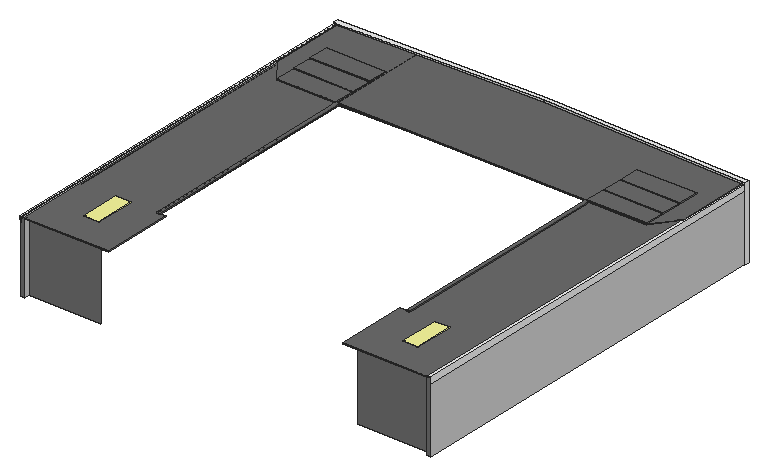
Revit family "Loading-Dock-Equipment_Shelter_McGuire_TC300", category Generic Models, Revit 2026
Family settings
  Can host rebar = No
  Round Connector Dimension = Use Diameter
  Part Type = Normal
  Classification Number = 23.50.70.00
  Work Plane-Based = Yes
  Always vertical = No
  Cut with Voids When Loaded = No
  Maintain Annotation Orientation = No
  Shared = No
  Room Calculation Point = No
Parameters (values of type "Flexible Steel Frame")
  Warranty Duration (Years) = 0
  Unit Width [instance] = Opening Width + (Panel Width * 2)  # 11' - 6"
  Unit Height [instance] = 11' - 0"
  Unit Depth [instance] = 2' - 0"
  URL = "http://www.wbmcguire.com/"
  Test Data = ""
  Specification = ""
  SpecWizard = ""
  Send Message = ""
  Sales Information = "http://www.wbmcguire.com/Contact-Us"
  Revision = "R1_2017-01"
  Product Properties = ""
  Product Data = "http://www.arcat.com/arcatcos/cos36/arc36404.html"
  Panel Width [instance] = 2' - 3"
  Panel Material = Metal - Steel
  Overall Height [instance] = Unit Height + Header Height  # 11' - 3 3/8"
  Opening Width [instance] = 7' - 0"  # constant formula
  Opening Height [instance] = Overall Height - Curtain Drop  # 8' - 3 3/8"
  Model = "As Specified"
  Material = Polyethylene Sheeting - Black
  Manufacturer Website = "http://www.wbmcguire.com/"
  Manufacturer Phone - Toll Free = "800-624-8473"
  Manufacturer Phone = "262-257-7309"
  Manufacturer Fax = "262-255-4199"
  Manufacturer Address = "W194 N11481  McCormick Dr.   Germantown, WI 53022"
  Manufacturer = "McGuire"
  Maintenance Schedule (Months) = 0
  Keynote = "11160"
  Installation-Fabrication = ""
  Installation Phase = ""
  Flat Head Frame [instance] = no
  Header Height [instance] = if(Flat Head Frame, 0' 1 1/2", 0' 3 3/8")  # 0' - 3 3/8"
  Curtain Drop [instance] = 3' - 0"
  Guide Color = Polyethylene Sheeting - Yellow
  Green Building-LEED = "http://www.arcat.com/green/clients/leed_data_36404.html"
  Frame Thickness = 0' - 1 3/8"
  Expected Lifespan (Years) = 0
  Drawn By = "Sumex Design, Inc. / Robert S. Weygant, CSI, CDT, SCIP"
  Description = "McGuire Loading Dock Product as Specified"
  Default Elevation = 0' - 0"  # constant formula
  Copyright = "©Arcat Inc."
  Construction Details = ""
  Building Codes = ""
  Available Options [instance] = "as Specified"
  Assembly Code = "E1030300"
  Accent Material = Metal - Aluminum Trim
Reference planes (in)
  plane 1 "Base": y = 0
  plane 2 "Host": z = 0
  plane 3 "Center (Left/Right)": x = 0
  plane 4 "OH": y = 99.375
  plane 5 "Left": x = -42
  plane 6 "Right": x = 42
  plane 7 "Front": z = 24
  plane 8: x = -69
  plane 9: x = 69
  plane 10 "Top of Header": y = 132
  plane 11: x = -42
  plane 12: x = 42
  plane 13: y = 124
  plane 14: y = 118
  plane 15: y = 24
  plane 16: y = 135.375
  plane 17: y = 99.375
  plane 18: y = 107.375
  plane 19: x = 62.25
  plane 20: x = 42.25
  plane 21: x = -62.25
  plane 22: x = -42.25
  plane 23 "Leveler Curtain": y = -38
  plane 24: x = -67.625
  plane 25: x = 67.625
Forms (in)
  Sweep 1, solid, material "Polyethylene Sheeting - Black" <- "Material"
    path origin (0, 0, 0) x (1, 0, 0) y (0, 1, 0)
      loop
        line (-69, 0) -> (-69, 132)
    profile origin (-69, 66, 0) x (-1, 0, 0) y (0, 0, 1)
      loop
        line (0, 0) -> (0, 23.625) -> (-1.375, 23.625) -> (-1.375, 0) -> (0, 0)
  Sweep 2, solid, material "Polyethylene Sheeting - Black" <- "Material"
    path origin (0, 0, 0) x (-1, 0, 0) y (0, 1, 0)
      loop
        line (-69, 0) -> (-69, 132)
    profile origin (69, 66, 0) x (-1, 0, 0) y (0, 0, 1)
      loop
        line (0, 0) -> (1.375, 0) -> (1.375, 23.625) -> (0, 23.625) -> (0, 0)
  Extrusion 3, solid, material "Polyethylene Sheeting - Black" <- "Material"
    sketch origin (0, 0, 0) x (1, 0, 0) y (0, 0, 1)
      loop
        line (-69, 23.875) -> (-69, 23.625) -> (-42, 23.625) -> (-42, 23.875) -> (-69, 23.875)
      loop
        line (69, 23.875) -> (42, 23.875) -> (42, 23.625) -> (69, 23.625) -> (69, 23.875)
    from 0 to -132
  Extrusion 4, solid, material "Polyethylene Sheeting - Black" <- "Material"
    sketch origin (0, 0, 0) x (1, 0, 0) y (0, 1, 0)
      loop
        line (-68.2126, 132) -> (-68.2126, 107.375) -> (-62.35641, 99.375) -> (62.35641, 99.375) -> (68.2126, 107.375) -> (68.2126, 132) -> (0, 133.72831) -> (-68.2126, 132)
    from 23.875 to 24.125
  Extrusion 5, solid, material "Polyethylene Sheeting - Black" <- "Material"
    sketch origin (0, 0, 0) x (0, 1, 0) y (0, 0, 1)
      loop
        line (99.375, 24.125) -> (120.375, 24.125) -> (120.375, 24.25) -> (113.375, 24.375) -> (113.375, 24.25) -> (106.375, 24.375) -> (106.375, 24.25) -> (99.375, 24.375) -> (99.375, 24.125)
    from 42.25 to 62.25
  Extrusion 6, solid, material "Polyethylene Sheeting - Black" <- "Material"
    sketch origin (0, 0, 0) x (0, 1, 0) y (0, 0, -1)
      loop
        line (99.375, -24.125) -> (99.375, -24.375) -> (106.375, -24.25) -> (106.375, -24.375) -> (113.375, -24.25) -> (113.375, -24.375) -> (120.375, -24.25) -> (120.375, -24.125) -> (99.375, -24.125)
    from 42.25 to 62.25
  Extrusion 7, solid, material "Polyethylene Sheeting - Yellow" <- "Guide Color"
    sketch origin (0, 0, 0) x (1, 0, 0) y (0, 1, 0)
      loop
        line (-56.23575, 24) -> (-56.23575, 10.70217) -> (-51.23575, 10.70217) -> (-51.23575, 24) -> (-56.23575, 24)
      loop
        line (56.23575, 24) -> (51.23575, 24) -> (51.23575, 10.70217) -> (56.23575, 10.70217) -> (56.23575, 24)
    from 23.875 to 24
  Extrusion 8, solid, material "Metal - Aluminum Trim" <- "Accent Material"
    sketch origin (0, 0, 0) x (1, 0, 0) y (0, 1, 0)
      loop
        line (-69.125, 132) -> (-68.2126, 132) -> (0, 133.72831) -> (68.2126, 132) -> (69.125, 132) -> (69.125, 133.56339) -> (0, 135.375) -> (-69.125, 133.56339) -> (-69.125, 132)
    from 0 to 24.54654
  Blend 9, solid, material "Polyethylene Sheeting - Black" <- "Material"
    base sketch origin (0, 0, 0) x (1, 0, 0) y (0, 0, 1)
      loop
        line (43.1811, 23.625) -> (43.1811, 0) -> (67.625, 0) -> (67.625, 23.625) -> (43.1811, 23.625)
    top sketch origin (0, 0, 0) x (1, 0, 0) y (0, 0, 1)
      loop
        line (67.625, 23.625) -> (66.8376, 23.625) -> (66.8376, 22.8376) -> (67.625, 22.8376) -> (67.625, 23.625)
    from -1.5748 to -24
  Blend 10, solid, material "Polyethylene Sheeting - Black" <- "Material"
    base sketch origin (0, 0, 0) x (-1, 0, 0) y (0, 0, -1)
      loop
        line (43.1811, -23.625) -> (67.625, -23.625) -> (67.625, 0) -> (43.1811, 0) -> (43.1811, -23.625)
    top sketch origin (0, 0, 0) x (-1, 0, 0) y (0, 0, -1)
      loop
        line (67.625, -23.625) -> (67.625, -22.8376) -> (66.8376, -22.8376) -> (66.8376, -23.625) -> (67.625, -23.625)
    from -1.5748 to -24
  Extrusion 11, solid, material "Polyethylene Sheeting - Black" <- "Material"
    sketch origin (0, 0, 0) x (1, 0, 0) y (0, 0, 1)
      loop
        line (-42, 23.625) -> (-39.44094, 23.625) -> (-39.44094, 23.875) -> (-42, 23.875) -> (-42, 23.625)
      loop
        line (42, 23.625) -> (42, 23.875) -> (39.44094, 23.875) -> (39.44094, 23.625) -> (42, 23.625)
    from -24 to 0
  Sweep 12, solid, material "Polyethylene Sheeting - Black" <- "Material"
    path origin (0, 0, 0) x (1, 0, 0) y (0, 1, 0)
      loop
        line (0, 24) -> (0, 99.375)
    profile origin (0, 61.6875, 0) x (-1, 0, 0) y (0, 0, 1)
      loop
        circle (41.99997, 23.75012) r 0.5
      loop
        circle (-41.99997, 23.75012) r 0.5
  Extrusion 13, solid, material "Metal - Aluminum Trim" <- "Accent Material"
    sketch origin (0, 0, 0) x (1, 0, 0) y (0, 0, 1)
      loop
        line (69.125, 24) -> (68.2126, 24) -> (68.2126, 23.875) -> (69, 23.875) -> (69, 22.125) -> (69.125, 22.125) -> (69.125, 24)
      loop
        line (-69.125, 24) -> (-69.125, 22.125) -> (-69, 22.125) -> (-69, 23.875) -> (-68.2126, 23.875) -> (-68.2126, 24) -> (-69.125, 24)
    from 0 to -132
Cuts and joins
  joined: Sweep 1, Sweep 2, Extrusion 3, Blend 9, Blend 10, Extrusion 11
Dimensions and locks (in)
  equal spacing: plane 5 "Left", plane 3 "Center (Left/Right)", plane 6 "Right"
  equal spacing: plane 8, plane 3 "Center (Left/Right)", plane 9
  locked: plane 5 "Left" to plane 6 "Right" at 84
  "Unit Width": plane 8 to plane 9
  "Opening Height": plane 1 "Base" to plane 4 "OH"
  "Unit Height": plane 1 "Base" to plane 10 "Top of Header"
  "Unit Depth": plane 7 "Front" to level
  locked: plane 10 "Top of Header" to plane 13 at 8
  locked: plane 7 "Front" to Extrusion 3 sketch curve at 0.125  (x2)
  plane 10 "Top of Header" to plane 14 = 1' - 2"
  locked: plane 1 "Base" to plane 15 at 24
  "Header Height": plane 16 to plane 10 "Top of Header"
  "Curtain Drop": plane 16 to plane 17
  locked: plane 18 to plane 17 at 8
  locked: Extrusion 4 to plane 7 "Front" at 0.125  (x2)
  locked: plane 7 "Front" to Sweep 2 sketch curve at 0.375
  locked: plane 21 to plane 22 at 20
  locked: plane 20 to plane 19 at 20
  locked: plane 17 to Extrusion 5 sketch curve at 7
  locked: plane 17 to Extrusion 5 sketch curve at 14
  locked: plane 17 to Extrusion 5 sketch curve at 21
  locked: plane 7 "Front" to Sweep 1 sketch curve at 0.375
  "Frame Thickness": plane 9 to plane 25
  "Frame Thickness": plane 24 to plane 8
  locked: plane 7 "Front" to Extrusion 3 sketch curve at 0.375
  plane 7 "Front" to Extrusion 3 sketch curve = 0' - 0 3/8"
  locked: plane 17 to Extrusion 6 sketch curve at 7
  locked: plane 17 to Extrusion 6 sketch curve at 14
  locked: plane 17 to Extrusion 6 sketch curve at 21
  locked: plane 8 to Extrusion 4 sketch curve at 0.7874
  locked: Extrusion 8 to plane 7 "Front" at 0.54654
  locked: Blend 9 sketch curve to plane 12 at 1.1811
  locked: plane 7 "Front" to Blend 9 sketch curve at 0.375  (x2)
  locked: plane 25 to Blend 9 sketch curve at 0.7874
  locked: Blend 9 sketch curve to Blend 9 sketch curve at 0.7874
  locked: Blend 10 sketch curve to Blend 10 sketch curve at 0.7874
  locked: Extrusion 11 sketch curve to plane 11 at 2.55906
  locked: plane 7 "Front" to Extrusion 11 sketch curve at 0.125  (x2)
  locked: Extrusion 11 sketch curve to Extrusion 11 sketch curve at 0.25
  locked: plane 12 to Extrusion 11 sketch curve at 2.55906
  locked: plane 7 "Front" to Extrusion 11 sketch curve at 0.375
  locked: plane 8 to Extrusion 13 sketch curve at 0.125
  locked: plane 9 to Extrusion 13 sketch curve at 0.125
  locked: plane 7 "Front" to Extrusion 13 sketch curve at 0.125  (x2)
  locked: Extrusion 13 sketch curve to Extrusion 13 sketch curve at 0.125  (x2)
  locked: Extrusion 8 sketch curve to plane 8 at 0.125
  locked: plane 9 to Extrusion 8 sketch curve at 0.125
  locked: plane 7 "Front" to Sweep 12 sketch curve at 0.24988  (x2)
  "Panel Width": plane 8 to plane 11
  "Panel Width": plane 12 to plane 9
  locked: Sweep 12 sketch curve to plane 11 at 0.00003
  locked: plane 12 to Sweep 12 sketch curve at 0.00003
  locked: plane 8 to plane 21 at 6.75
  locked: plane 19 to plane 9 at 6.75
  plane 8 to Extrusion 7 sketch curve to Extrusion 7 sketch curve = 1' - 0.76425" locked, 0' - 5" locked
  Extrusion 7 sketch curve to Extrusion 7 sketch curve to plane 9 = 0' - 5" locked, 1' - 0.76425" locked
  locked: plane 1 "Base" to Extrusion 7 sketch curve at 10.70217  (x2)
  aligned and locked: plane 8 to Sweep 1 sketch curve
  aligned and locked: level to Sweep 1 sketch curve
  aligned and locked: Sweep 1 sketch curve to plane 8
  aligned and locked: plane 9 to Sweep 2 sketch curve
  aligned and locked: plane 1 "Base" to Sweep 2 sketch curve
  aligned and locked: level to Sweep 2 sketch curve
  aligned and locked: Sweep 2 sketch curve to plane 9
  aligned and locked: Sweep 1 sketch curve to plane 1 "Base"
  aligned and locked: Extrusion 3 sketch curve to plane 11
  aligned and locked: plane 12 to Extrusion 3 sketch curve
  aligned and locked: plane 17 to Extrusion 4 sketch curve
  aligned and locked: plane 18 to Extrusion 4 sketch curve  (x2)
  aligned and locked: plane 10 "Top of Header" to Extrusion 3
  aligned and locked: plane 19 to Extrusion 5
  aligned and locked: Extrusion 5 to plane 20
  aligned and locked: plane 17 to Extrusion 5 sketch curve
  aligned and locked: Sweep 2 sketch curve to plane 25
  aligned and locked: Sweep 1 sketch curve to plane 24
  aligned and locked: Extrusion 3 sketch curve to plane 8
  aligned and locked: plane 22 to Extrusion 6
  aligned and locked: Extrusion 6 to plane 21
  aligned and locked: plane 7 "Front" to Extrusion 7
  aligned and locked: plane 3 "Center (Left/Right)" to Extrusion 8 sketch curve  (x2)
  aligned and locked: Extrusion 4 sketch curve to Extrusion 8  (x2)
  aligned and locked: Extrusion 3 sketch curve to plane 9
  aligned and locked: Extrusion 3 to plane 1 "Base"
  aligned and locked: plane 25 to Blend 9 sketch curve
  aligned and locked: Blend 9 sketch curve to level
  aligned and locked: Blend 9 sketch curve to plane 25
  aligned and locked: plane 15 to Blend 9
  aligned and locked: plane 15 to Blend 10
  aligned and locked: Extrusion 11 sketch curve to plane 11
  aligned and locked: Extrusion 11 sketch curve to plane 12
  aligned and locked: plane 15 to Extrusion 11
  aligned and locked: plane 1 "Base" to Extrusion 11
  aligned and locked: Blend 10 to Blend 9
  aligned and locked: plane 15 to Sweep 12 sketch curve
  aligned and locked: Extrusion 4 to Sweep 12 sketch curve
  aligned and locked: plane 3 "Center (Left/Right)" to Sweep 12 sketch curve
  aligned and locked: plane 10 "Top of Header" to Sweep 2 sketch curve
  aligned and locked: plane 10 "Top of Header" to Sweep 1 sketch curve
  aligned and locked: level to Extrusion 8
  aligned and locked: plane 9 to Extrusion 13 sketch curve
  aligned and locked: plane 8 to Extrusion 13 sketch curve
  aligned and locked: plane 10 "Top of Header" to Extrusion 13
  aligned and locked: plane 1 "Base" to Extrusion 13
  aligned and locked: Extrusion 7 to cut or joined group of Sweep 1, Sweep 2, Extrusion 3, Blend 9, Blend 10, Extrusion 11
  aligned and locked: Extrusion 7 sketch curve to plane 15
  aligned and locked: plane 15 to Extrusion 7 sketch curve
Automatic sketch dimensions
  Extrusion 3 sketch curve to Extrusion 3 sketch curve = 0' - 0 1/4"
  Extrusion 4 sketch curve to plane 10 "Top of Header" = 0' - 0"
  Extrusion 4 sketch curve to plane 21 = 0' - 0.10641"
  plane 19 to Extrusion 4 sketch curve = 0' - 0.10641"
  plane 7 "Front" to Extrusion 5 sketch curve = 0' - 0 1/8"
  plane 7 "Front" to Extrusion 5 sketch curve = 0' - 0 1/4"  (x2)
  Extrusion 5 sketch curve to Extrusion 5 sketch curve = 0' - 0 1/8"  (x3)
  Extrusion 5 sketch curve to Extrusion 5 sketch curve = 0' - 0 1/4"
  Extrusion 6 sketch curve to plane 17 = 0' - 0"
  plane 7 "Front" to Extrusion 6 sketch curve = 0' - 0 3/8"  (x3)
  plane 7 "Front" to Extrusion 6 sketch curve = 0' - 0 1/4"
  Extrusion 6 sketch curve to Extrusion 6 sketch curve = 0' - 0 1/8"  (x3)
  Extrusion 8 sketch curve to plane 10 "Top of Header" = 0' - 0"  (x2)
  Extrusion 8 sketch curve to plane 16 = 0' - 0"
  plane 8 to Extrusion 8 sketch curve = 0' - 0.7874"
  Extrusion 8 sketch curve to plane 9 = 0' - 0.7874"
  plane 10 "Top of Header" to Extrusion 8 sketch curve = 0' - 1.56339"
  Extrusion 8 sketch curve to Extrusion 8 sketch curve = 0' - 1.56339"
  Extrusion 8 sketch curve to plane 16 = 0' - 1.64669"
  Blend 10 sketch curve to level = 0' - 0"
  Blend 10 sketch curve to plane 24 = 0' - 0"  (x2)
  plane 7 "Front" to Blend 10 sketch curve = 0' - 0 3/8"  (x2)
  plane 11 to Blend 10 sketch curve = 0' - 1.1811"
  Blend 10 sketch curve to Blend 10 sketch curve = 0' - 0.7874"
  Extrusion 13 sketch curve to Extrusion 13 sketch curve = 0' - 0.7874"  (x2)
  Extrusion 13 sketch curve to Extrusion 13 sketch curve = 0' - 1 3/4"  (x2)
  radius of Sweep 12 sketch curve = 0' - 0 1/2"  (x2)
